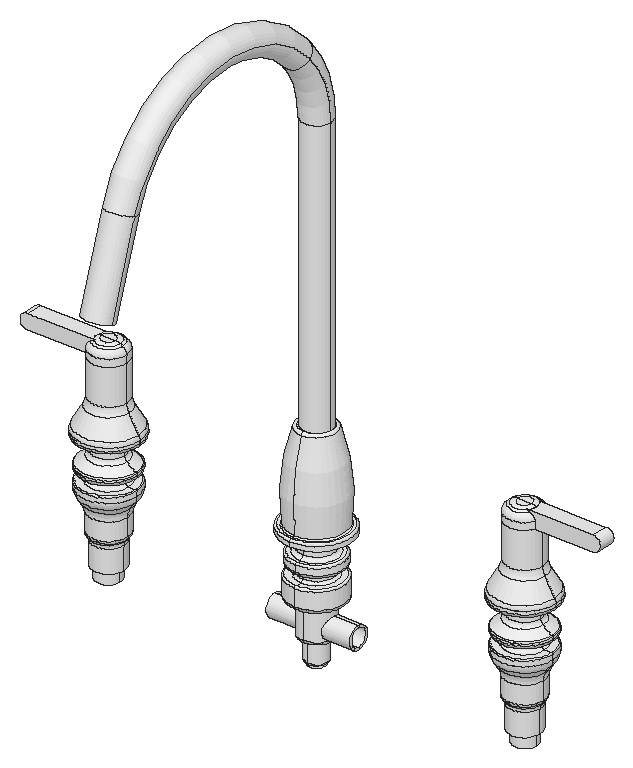
Revit family "VV5005551_Grifería para Lavaplatos Vaal 8 Pulgadas", category Plumbing Fixtures, Revit 2019
Family settings
  Round Connector Dimension = Use Diameter
  Part Type = Normal
  OmniClass Number = 23.21.21.19
  OmniClass Title = Commercial Dishwasher Equipment
  Work Plane-Based = No
  Always vertical = Yes
  Cut with Voids When Loaded = No
  Shared = No
  Room Calculation Point = No
Parameters
  Tipo de manija/accionamiento = "Palanca"  # constant formula
  Tipo de grifería = "8 pulgadas"  # constant formula
  Tipo de chorro = "Espumoso"  # constant formula
  Temperatura de uso = "Entre 4˚C y 66˚C"  # constant formula
  Sistema de accionamiento = "Palanca"  # constant formula
  Resistencia = "Resistente a la corrosión pelado y decoloración por agua"  # constant formula
  Rango de presión de agua = "Entre 20 y 125 psi"  # constant formula
  Productos compatibles = "Lavaplatos"  # constant formula
  Material = Corona_Cromado
  Largo = "21.9 cm"  # constant formula
  Incluye = "Cuerpo, pico, manijas"  # constant formula
  Consumo de agua = "6.96 lt"  # constant formula
  Capacidad de flujo = "6.96 l/m máximo a 60 psi"  # constant formula
  Ancho = "4.41 cm"  # constant formula
  Alto = "40.13 cm"  # constant formula
  Uso = "Residencial"  # constant formula
  URL = "https://corona.co/productos/griferias/griferia-para-lavaplatos-vaal-8-pulgadas/p/VV5005551"
  Materiales = "Metal"  # constant formula
  Línea = "Vaal"  # constant formula
  Fecha de creación = "22/07/2020"  # constant formula
  Description = "Este producto ha sido diseñado para trabajar en perfecta armonía con el espacio, ofreciendo un producto robusto y funcional. Con pico giratorio que le permite al usuario tomar ventaja del área del lavaplatos."  # constant formula
  Creado por = "IDD"  # constant formula
  Colección = "Vida 2014"  # constant formula
  Acabado = "Cromado"  # constant formula
Reference planes
  plane 1 "Center (Front/Back)": y = 0
  plane 2: z = 0
  plane 3 "Center (Left/Right)": x = 0
Forms (mm)
  Sweep 1, solid, material "Corona_Cromado", detail levels medium+fine
    path origin (0, 0, 0) x (0, 1, 0) y (0, 0, 1)
      loop
        line (0, 60) -> (0, 310.424)
        arc (0, 310.424) -> (-5.671, 341.218) -> (-21.939, 367.972) r 86.448
        arc (-21.939, 367.972) -> (-124.427, 401.813) -> (-205, 330) r 107.959
        line (-205, 330) -> (-228.548, 258.793)
    profile origin (0, 0, 185.212) x (0, -1, 0) y (1, 0, 0)
      loop
        circle (0, 0) r 12
  Revolve 2, solid, material "Corona_Cromado", detail levels medium+fine
    sketch origin (0, 0, 0) x (0, 1, 0) y (0, 0, 1)
      loop
        line (0, 80) -> (-13.202, 80)
        arc (-13.202, 80) -> (-14.671, 79.527) -> (-15.587, 78.286) r 2.516
        arc (-15.587, 78.286) -> (-23.278, 42.816) -> (-22.977, 6.524) r 163.936
        arc (-22.977, 6.524) -> (-23.22, 5.745) -> (-23.964, 5.411) r 0.995
        line (-23.964, 5.411) -> (-26.254, 5.411)
        arc (-26.254, 5.411) -> (-27.375, 4.946) -> (-27.84, 3.825) r 1.586
        line (-27.84, 3.825) -> (-27.84, 0) -> (0, 0) -> (0, 80)
      axis (0, 80) -> (0, 0)
    angle from 0 to 360
  Revolve 3, solid, material "Corona_Cromado", detail levels medium+fine
    sketch origin (0, 0, 0) x (0, 1, 0) y (0, 0, 1)
      loop
        line (0, 0) -> (-10.647, 0)
        arc (-10.647, 0) -> (-12.959, -0.958) -> (-13.917, -3.269) r 3.269
        line (-13.917, -3.269) -> (-13.917, -11.964)
        arc (-13.917, -11.964) -> (-14.806, -14.111) -> (-16.953, -15) r 3.036
        line (-16.953, -15) -> (-20.192, -15)
        arc (-20.192, -15) -> (-21.242, -15.435) -> (-21.677, -16.485) r 1.485
        line (-21.677, -16.485) -> (-21.677, -22.032)
        arc (-21.677, -22.032) -> (-21.179, -23.234) -> (-19.977, -23.731) r 1.7
        line (-19.977, -23.731) -> (-16.36, -23.731)
        arc (-16.36, -23.731) -> (-14.632, -24.447) -> (-13.917, -26.175) r 2.443
        line (-13.917, -26.175) -> (-13.917, -30.235)
        arc (-13.917, -30.235) -> (-14.488, -31.615) -> (-15.868, -32.187) r 1.952
        line (-15.868, -32.187) -> (-21.373, -32.187)
        arc (-21.373, -32.187) -> (-22.311, -32.575) -> (-22.7, -33.514) r 1.327
        line (-22.7, -33.514) -> (-22.7, -47.224)
        arc (-22.7, -47.224) -> (-21.923, -49.099) -> (-20.048, -49.876) r 2.652
        line (-20.048, -49.876) -> (-15.698, -49.876)
        arc (-15.698, -49.876) -> (-14.438, -50.397) -> (-13.917, -51.657) r 1.782
        line (-13.917, -51.657) -> (-13.917, -76.475)
        arc (-13.917, -76.475) -> (-13.459, -77.578) -> (-12.356, -78.035) r 1.56
        line (-12.356, -78.035) -> (-10.452, -78.035)
        arc (-10.452, -78.035) -> (-9.366, -78.485) -> (-8.917, -79.571) r 1.536
        line (-8.917, -79.571) -> (-8.917, -95.663)
        arc (-8.917, -95.663) -> (-8.712, -96.158) -> (-8.217, -96.363) r 0.7
        line (-8.217, -96.363) -> (-6.622, -96.363) -> (-6.622, -99.373) -> (0, -99.373) -> (0, 0)
      axis (0, 0) -> (0, -99.373)
    angle from 0 to 360
  Revolve 4, solid, material "Corona_Cromado", detail levels medium+fine
    sketch origin (0.402, 0, -8.125) x (-1, 0, 0) y (0, 0, 1)
      loop
        line (10.402, -59.811) -> (13.131, -59.811) -> (13.131, -52.363) -> (35.402, -52.363) -> (35.402, -50.835) -> (10.402, -50.835) -> (10.402, -59.811)
      axis (10.402, -59.811) -> (35.402, -59.811)
    angle from 0 to 360
  Revolve 5, solid, material "Corona_Cromado", detail levels medium+fine
    sketch origin (-0.402, 0, -8.125) x (1, 0, 0) y (0, 0, -1)
      loop
        line (10.402, 59.811) -> (10.402, 50.835) -> (35.402, 50.835) -> (35.402, 52.363) -> (13.131, 52.363) -> (13.131, 59.811) -> (10.402, 59.811)
      axis (10.402, 59.811) -> (35.402, 59.811)
    angle from 0 to 360
  Revolve 6, solid, material "Corona_Cromado", detail levels medium+fine
    sketch origin (0, 0, 0) x (1, 0, 0) y (0, 0, 1)
      loop
        line (-174.2, -86.678) -> (-161.245, -86.678) -> (-161.245, -67.637)
        arc (-161.245, -67.637) -> (-160.98, -65.919) -> (-160.211, -64.36) r 5.714
        line (-160.211, -64.36) -> (-159.026, -62.668)
        arc (-159.026, -62.668) -> (-158.543, -61.688) -> (-158.377, -60.607) r 3.592
        line (-158.377, -60.607) -> (-158.377, -45.669)
        arc (-158.377, -45.669) -> (-157.8, -41.922) -> (-156.123, -38.521) r 12.463
        line (-156.123, -38.521) -> (-152.648, -33.559)
        arc (-152.648, -33.559) -> (-151.248, -30.72) -> (-150.767, -27.592) r 10.403
        line (-150.767, -27.592) -> (-150.767, -23.409)
        arc (-150.767, -23.409) -> (-150.987, -22.878) -> (-151.518, -22.658) r 0.751
        line (-151.518, -22.658) -> (-157.831, -22.658)
        arc (-157.831, -22.658) -> (-160.065, -21.733) -> (-160.991, -19.498) r 3.16
        line (-160.991, -19.498) -> (-160.991, -17.157)
        arc (-160.991, -17.157) -> (-160.343, -15.594) -> (-158.78, -14.946) r 2.211
        line (-158.78, -14.946) -> (-153.293, -14.946)
        arc (-153.293, -14.946) -> (-151.507, -14.206) -> (-150.767, -12.42) r 2.526
        line (-150.767, -12.42) -> (-150.767, -10.584)
        arc (-150.767, -10.584) -> (-150.905, -10.018) -> (-151.289, -9.58) r 1.225
        line (-151.289, -9.58) -> (-158.858, -4.28)
        arc (-158.858, -4.28) -> (-160.426, -2.493) -> (-160.991, -0.185) r 5
        line (-160.991, -0.185) -> (-160.991, 8.145)
        arc (-160.991, 8.145) -> (-160.324, 9.754) -> (-158.715, 10.42) r 2.275
        line (-158.715, 10.42) -> (-150.528, 10.42)
        arc (-150.528, 10.42) -> (-148.861, 11.111) -> (-148.171, 12.778) r 2.357
        line (-148.171, 12.778) -> (-148.171, 15.242)
        arc (-148.171, 15.242) -> (-148.43, 17.213) -> (-149.191, 19.049) r 7.613
        line (-149.191, 19.049) -> (-157.296, 33.088)
        arc (-157.296, 33.088) -> (-158.682, 36.432) -> (-159.154, 40.021) r 13.866
        line (-159.154, 40.021) -> (-159.154, 69.935) -> (-159.154, 75.752)
        arc (-159.154, 75.752) -> (-159.986, 78.857) -> (-162.259, 81.13) r 6.21
        line (-162.259, 81.13) -> (-164.274, 82.293)
        arc (-164.274, 82.293) -> (-166.126, 83.06) -> (-168.113, 83.322) r 7.679
        line (-168.113, 83.322) -> (-174.2, 83.322) -> (-174.2, -86.678)
      axis (-174.2, -86.678) -> (-174.2, 83.322)
    angle from 0 to 360
  Extrusion 7, solid, material "Corona_Cromado", detail levels medium+fine
    sketch origin (0, 0, -1.25) x (1, 0, 0) y (0, 0, 1)
      loop
        line (-174.214, 83.83) -> (-236.739, 83.83)
        arc (-236.739, 83.83) -> (-242.911, 77.658) -> (-236.739, 71.486) r 6.172
        line (-236.739, 71.486) -> (-174.214, 71.486) -> (-174.214, 83.83)
    from -6.935 to 6.502
  Revolve 8, solid, material "Corona_Cromado", detail levels medium+fine
    sketch origin (0, 0, 0) x (-1, 0, 0) y (0, 0, 1)
      loop
        line (-174.2, -86.678) -> (-161.245, -86.678) -> (-161.245, -67.637)
        arc (-161.245, -67.637) -> (-160.98, -65.919) -> (-160.211, -64.36) r 5.714
        line (-160.211, -64.36) -> (-159.026, -62.668)
        arc (-159.026, -62.668) -> (-158.543, -61.688) -> (-158.377, -60.607) r 3.592
        line (-158.377, -60.607) -> (-158.377, -45.669)
        arc (-158.377, -45.669) -> (-157.8, -41.922) -> (-156.123, -38.521) r 12.463
        line (-156.123, -38.521) -> (-152.648, -33.559)
        arc (-152.648, -33.559) -> (-151.248, -30.72) -> (-150.767, -27.592) r 10.403
        line (-150.767, -27.592) -> (-150.767, -23.409)
        arc (-150.767, -23.409) -> (-150.987, -22.878) -> (-151.518, -22.658) r 0.751
        line (-151.518, -22.658) -> (-157.831, -22.658)
        arc (-157.831, -22.658) -> (-160.065, -21.733) -> (-160.991, -19.498) r 3.16
        line (-160.991, -19.498) -> (-160.991, -17.157)
        arc (-160.991, -17.157) -> (-160.343, -15.594) -> (-158.78, -14.946) r 2.211
        line (-158.78, -14.946) -> (-153.293, -14.946)
        arc (-153.293, -14.946) -> (-151.507, -14.206) -> (-150.767, -12.42) r 2.526
        line (-150.767, -12.42) -> (-150.767, -10.584)
        arc (-150.767, -10.584) -> (-150.905, -10.018) -> (-151.289, -9.58) r 1.225
        line (-151.289, -9.58) -> (-158.858, -4.28)
        arc (-158.858, -4.28) -> (-160.426, -2.493) -> (-160.991, -0.185) r 5
        line (-160.991, -0.185) -> (-160.991, 8.145)
        arc (-160.991, 8.145) -> (-160.324, 9.754) -> (-158.715, 10.42) r 2.275
        line (-158.715, 10.42) -> (-150.528, 10.42)
        arc (-150.528, 10.42) -> (-148.861, 11.111) -> (-148.171, 12.778) r 2.357
        line (-148.171, 12.778) -> (-148.171, 15.242)
        arc (-148.171, 15.242) -> (-148.43, 17.213) -> (-149.191, 19.049) r 7.613
        line (-149.191, 19.049) -> (-157.296, 33.088)
        arc (-157.296, 33.088) -> (-158.682, 36.432) -> (-159.154, 40.021) r 13.866
        line (-159.154, 40.021) -> (-159.154, 69.935) -> (-159.154, 75.752)
        arc (-159.154, 75.752) -> (-159.986, 78.857) -> (-162.259, 81.13) r 6.21
        line (-162.259, 81.13) -> (-164.274, 82.293)
        arc (-164.274, 82.293) -> (-166.126, 83.06) -> (-168.113, 83.322) r 7.679
        line (-168.113, 83.322) -> (-174.2, 83.322) -> (-174.2, -86.678)
      axis (-174.2, -86.678) -> (-174.2, 83.322)
    angle from 0 to 360
  Extrusion 9, solid, material "Corona_Cromado", detail levels medium+fine
    sketch origin (0, 0, -1.25) x (-1, 0, 0) y (0, 0, -1)
      loop
        line (-174.214, -83.83) -> (-174.214, -71.486) -> (-236.739, -71.486)
        arc (-236.739, -71.486) -> (-242.911, -77.658) -> (-236.739, -83.83) r 6.172
        line (-236.739, -83.83) -> (-174.214, -83.83)
    from -6.935 to 6.502
  Extrusion 10, solid, detail levels coarse
    sketch origin (0, 0, 0) x (1, 0, 0) y (0, 1, 0)
      loop
        line (-242.943, 27.909) -> (-242.943, -240.06) -> (241.432, -240.06) -> (241.432, 27.909) -> (-242.943, 27.909)
    from -99.643 to 417.497
  Extrusion 11, solid, material "Corona_Cromado"
    sketch origin (0, 0, 0) x (1, 0, 0) y (0, 1, 0)
      loop
        circle (-174.516, 0) r 10
    from -96.363 to -86.678
  Extrusion 12, solid, material "Corona_Cromado"
    sketch origin (0, 0, 0) x (-1, 0, 0) y (0, -1, 0)
      loop
        circle (-174.516, 0) r 10
    from -96.363 to -86.678
Dimensions and locks
  aligned and locked: level to plane 2
  aligned and locked: Revolve 6 to Extrusion 11
Nested families
  nested 1: "Family23" at (0, 0, 0) x (1, 0, 0) z (0, -1, 0), type "Family23"
  nested 2: "Family24" at (0, -1.134, 0) x (0, 1, 0) z (1, 0, 0), type "Family24"
  nested 3: "Family25" at (0, 0, 0), type "Family25"
Connectors
  piping at (-174.516, 0, -96.363), diameter 12
    settings: on Extrusion 11, index 1, connector inside diameter 609.6 mm, connector length 0 mm, flow factor 0, pipe flow 0.0 L/s, pressure drop 0.0 Pa, fitting loss kfactor 0, connector angle 0.00°, fixture units 0, engagement length 0 mm, angle of deflection 0.00°, flow configuration 0, flow direction 1, fitting loss method 0, system type 19, joint type 0, gender type 0, connector reference index -1, connector utility 0, adjustable connector no, is connector primary yes, connector description ""
  piping at (174.516, 0, -96.363), diameter 12
    settings: on Extrusion 12, index 2, connector inside diameter 609.6 mm, connector length 0 mm, flow factor 0, pipe flow 0.0 L/s, pressure drop 0.0 Pa, fitting loss kfactor 0, connector angle 0.00°, fixture units 0, engagement length 0 mm, angle of deflection 0.00°, flow configuration 0, flow direction 1, fitting loss method 0, system type 20, joint type 0, gender type 0, connector reference index -1, connector utility 0, adjustable connector no, is connector primary no, connector description ""
Definition of nested family "Family23"
  Reference planes
    plane 1 "Center (Front/Back)": y = 0
    plane 2: z = 0
    plane 3 "Center (Left/Right)": x = 0
Definition of nested family "Family24"
  Reference planes
    plane 1 "Center (Front/Back)": y = 0
    plane 2: z = 0
    plane 3 "Center (Left/Right)": x = 0
Definition of nested family "Family25"
  Reference planes
    plane 1 "Center (Front/Back)": y = 0
    plane 2: z = 0
    plane 3 "Center (Left/Right)": x = 0
